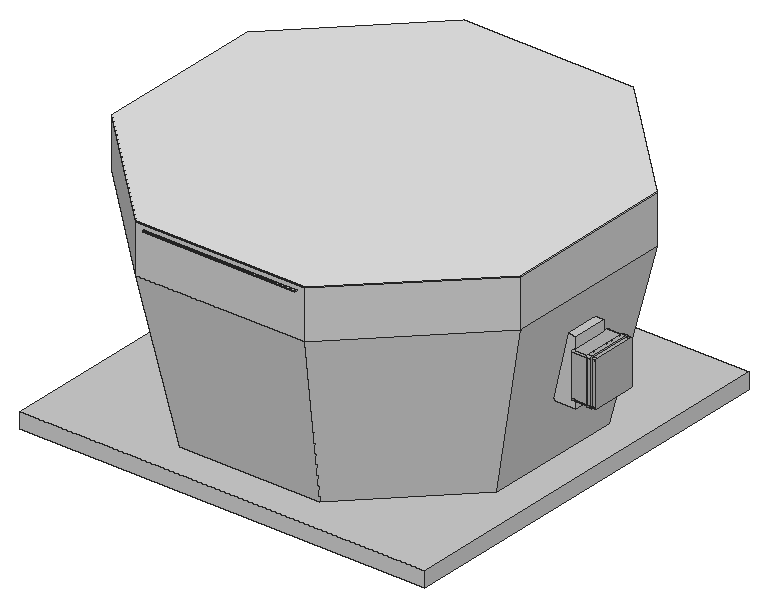
Revit family "VENTS-VKV_EC", category Mechanical Equipment, Revit 2019
Family settings
  Round Connector Dimension = Use Diameter
  Classification = None
  Part Type = Normal
  OmniClass Number = 23.75.35.17.14
  OmniClass Title = Fans, Single Units
  Work Plane-Based = No
  Always vertical = Yes
  Cut with Voids When Loaded = No
  Shared = No
  Room Calculation Point = No
Parameters (values of type "VKV 630 EC")
  gsA = A * 0.8  # 760.8 mm
  Weight = 83.00 kg
  Voltage = 400 V
  URL = "https://ventilation-system.com/product/vkv-630-ec"
  Type Comments = "Centrifugal roof fan VKV 630 EC"
  Transported Air Temperature (°C) = "-25...+55"
  Sound Pressure Level at 3 m (dBA) = 0
  Sound Pressure Level at 1 m (dBA) = 0
  RPM (min-1) = 1450
  Protection rating = "IP X4"
  Power Factor = 1
  Power [instance] = 2973 W
  Number of Poles = 3
  Noise Level at 3 m (dBa) = 71
  Model = "VKV 630 EC"
  Maximum Air Flow = 18270 m³/h
  Manufacturer = "Vents"
  Maintenance Zone Front Depth = 400 mm
  Maintenance Zone Material = Maintenance Zone
  Maintenance Zone Side Depth = 400 mm
  Maintenance Zone [instance] = no
  Load Classification = HVAC
  L2 = 1004 mm
  Ht = 112 mm
  Hc = H - Ht - Hb  # 382 mm
  Hb = 36 mm
  H = 530 mm
  Grid Material = Cover Grid Cross
  Graphical Symbol [instance] = yes
  Family Version = "1.0"  # constant formula
  Duct Connection Size = 560 mm
  Description = "Centrifugal roof fan with vertical air discharge"
  DboxFixW = 80 mm  # constant formula
  DboxFixH = 151 mm
  DboxFixDepth = 2 mm  # constant formula
  DboxFixBottomH = 186 mm
  D = 605 mm
  Current = 4.66 A
  Copyright = "©Vents"
  Casing Material = Fan Zinc
  L = 939 mm
  Apparent Power [instance] = Power / Power Factor  # 2973 VA
  Air Flow [instance] = 0 m³/h
  Af = A * tan(22.50°) * 0.9  # 354.525 mm
  AswBottom = 782 mm
  A = 951 mm
Types (11, lengths in mm): name | gsA | Weight | Voltage | URL | Type Comments | Transported Air Temperature (°C) | RPM (min-1) | Power | Number of Poles | Noise Level at 3 m (dBa) | Model | Maximum Air Flow | L2 | Ht | Hc | Hb | H | Duct Connection Size | DboxFixH | DboxFixBottomH | D | Current | L | Apparent Power | Af | AswBottom | A
  VKV 190 EC | 333.6 | 7.00 kg | 230 V | "https://ventilation-system.com/product/vkv-190-ec" | "Centrifugal roof fan VKV 190 EC" | "-25...+60" | 3520 | 102 W | 1 | 52 | "VKV 190 EC" | 670 m³/h | 470 | 52 | 78 | 36 | 166 | 180 | 112 | 40 | 213 | 0.77 A | 355 | 102 VA | 155.454 | 320 | 417
  VKV 225 EC | 333.6 | 7.00 kg | 230 V | "https://ventilation-system.com/product/vkv-225-ec" | "Centrifugal roof fan VKV 225 EC" | "-25...+60" | 2400 | 101 W | 1 | 47 | "VKV 225 EC" | 1290 m³/h | 470 | 48 | 131 | 31 | 210 | 180 | 122 | 40 | 213 | 0.8 A | 355 | 101 VA | 155.454 | 320 | 417
  VKV 250 EC | 384.8 | 11.00 kg | 230 V | "https://ventilation-system.com/product/vkv-250-ec" | "Centrifugal roof fan VKV 250 EC" | "-25...+60" | 3300 | 161 W | 1 | 54 | "VKV 250 EC" | 1470 m³/h | 534 | 51 | 154 | 31 | 236 | 250 | 151 | 36 | 285 | 1.29 A | 425 | 161 VA | 179.313 | 358 | 481
  VKV 280 EC | 437.6 | 14.00 kg | 230 V | "https://ventilation-system.com/product/vkv-280-ec" | "Centrifugal roof fan VKV 280 EC" | "-20...+60" | 2610 | 182 W | 1 | 48 | "VKV 280 EC" | 2330 m³/h | 600 | 51 | 192 | 31 | 274 | 250 | 151 | 53 | 285 | 1.34 A | 425 | 182 VA | 203.917 | 395 | 547
  VKV 310 EC | 490.4 | 20.00 kg | 230 V | "https://ventilation-system.com/product/vkv-310-ec" | "Centrifugal roof fan VKV 310 EC" | "-20...+60" | 2600 | 391 W | 1 | 49 | "VKV 310 EC" | 3100 m³/h | 666 | 51 | 214 | 31 | 296 | 250 | 151 | 75 | 285 | 1.72 A | 477 | 391 VA | 228.522 | 445 | 613
  VKV 355 EC | 590.4 | 23.00 kg | 230 V | "https://ventilation-system.com/product/vkv-355-ec" | "Centrifugal roof fan VKV 355 EC" | "-25...+50" | 1550 | 669 W | 1 | 51 | "VKV 355 EC" | 3830 m³/h | 791 | 51 | 244 | 31 | 326 | 400 | 151 | 105 | 438 | 9.36 A | 598 | 669 VA | 275.121 | 546 | 738
  VKV 400 EC | 590.4 | 25.00 kg | 230 V | "https://ventilation-system.com/product/vkv-400-ec" | "Centrifugal roof fan VKV 400 EC" | "-25...+50" | 1450 | 526 W | 1 | 58 | "VKV 400 EC" | 5380 m³/h | 791 | 120 | 220 | 31 | 371 | 400 | 151 | 82 | 438 | 3.9 A | 598 | 526 VA | 275.121 | 562 | 738
  VKV 450 EC | 590.4 | 44.00 kg | 400 V | "https://ventilation-system.com/product/vkv-450-ec" | "Centrifugal roof fan VKV 450 EC" | "-20...+60" | 1560 | 1323 W | 3 | 63 | "VKV 450 EC" | 8110 m³/h | 791 | 90 | 304 | 31 | 425 | 400 | 151 | 124 | 438 | 3.27 A | 668 | 1323 VA | 275.121 | 546 | 738
  VKV 500 EC | 687.2 | 52.00 kg | 400 V | "https://ventilation-system.com/product/vkv-500-ec" | "Centrifugal roof fan VKV 500 EC" | "-25...+50" | 1480 | 1350 W | 3 | 67 | "VKV 500 EC" | 10900 m³/h | 912 | 90 | 335 | 31 | 456 | 400 | 151 | 198 | 438 | 2.08 A | 668 | 1350 VA | 320.229 | 594 | 859
  VKV 560 EC | 687.2 | 65.00 kg | 400 V | "https://ventilation-system.com/product/vkv-560-ec" | "Centrifugal roof fan VKV 560 EC" | "-25...+60" | 1540 | 2412 W | 3 | 69 | "VKV 560 EC" | 13640 m³/h | 912 | 112 | 335 | 31 | 478 | 560 | 151 | 150 | 605 | 3.83 A | 850 | 2412 VA | 320.229 | 722 | 859
  VKV 630 EC | 760.8 | 83.00 kg | 400 V | "https://ventilation-system.com/product/vkv-630-ec" | "Centrifugal roof fan VKV 630 EC" | "-25...+55" | 1450 | 2973 W | 3 | 71 | "VKV 630 EC" | 18270 m³/h | 1004 | 112 | 382 | 36 | 530 | 560 | 151 | 186 | 605 | 4.66 A | 939 | 2973 VA | 354.525 | 782 | 951
Reference planes
  plane 1 "Center (Front/Back)": y = 0
  plane 2: z = 0
  plane 3 "Center (Left/Right)": x = 0
  plane 4: x = -469.5
  plane 5: x = 469.5
  plane 6: y = 469.5
  plane 7: y = -469.5
  plane 8 "Sw2": z = 36
  plane 9 "Sw1": z = 418
  plane 10 "Top": z = 530
  plane 11: y = 40
  plane 12: y = -40
  plane 13: x = -475.5
  plane 14 "Right": x = 475.5
  plane 15: y = 475.5
  plane 16 "Front": y = -475.5
  plane 17 "DboxHost": x = 477.5
  plane 18 "DboxBottomH": z = 186
  plane 19 "DboxTopH": z = 337
  plane 20 "DboxH": z = 261.5
  plane 21: x = -177.263
  plane 22: x = 177.263
  plane 23: z = 520
  plane 24: z = 518
  plane 25 "Sw7": z = 532
Forms (mm)
  SweptBlend 1, solid, material "Fan Zinc" <- "Casing Material", detail levels medium+fine
    path origin (0, 0, 0) x (1, 0, 0) y (0, 0, 1)
      loop
        line (0, 530) -> (0, 418)
    profile "Profile_Octagon : Top" origin (0, 0, 530) x (1, 0, 0) y (0, -1, 0)
      loop
        line (-196.959, 475.5) -> (-475.5, 196.959) -> (-475.5, -196.959) -> (-196.959, -475.5) -> (196.959, -475.5) -> (475.5, -196.959) -> (475.5, 196.959) -> (196.959, 475.5) -> (-196.959, 475.5)
    end profile "Profile_Octagon : Top" origin (0, 0, 418) x (1, 0, 0) y (0, -1, 0)
      loop
        line (-196.959, 475.5) -> (-475.5, 196.959) -> (-475.5, -196.959) -> (-196.959, -475.5) -> (196.959, -475.5) -> (475.5, -196.959) -> (475.5, 196.959) -> (196.959, 475.5) -> (-196.959, 475.5)
  SweptBlend 2, solid, material "Fan Zinc" <- "Casing Material", detail levels medium+fine
    path origin (0, 0, 0) x (1, 0, 0) y (0, 0, 1)
      loop
        line (0, 418) -> (0, 36)
    profile "Profile_Octagon : Top" origin (0, 0, 418) x (1, 0, 0) y (0, -1, 0)
      loop
        line (-196.959, 475.5) -> (-475.5, 196.959) -> (-475.5, -196.959) -> (-196.959, -475.5) -> (196.959, -475.5) -> (475.5, -196.959) -> (475.5, 196.959) -> (196.959, 475.5) -> (-196.959, 475.5)
    end profile "Profile_Octagon : Bottom" origin (0, 0, 36) x (1, 0, 0) y (0, -1, 0)
      loop
        line (-161.958, 391) -> (-391, 161.958) -> (-391, -161.958) -> (-161.958, -391) -> (161.958, -391) -> (391, -161.958) -> (391, 161.958) -> (161.958, 391) -> (-161.958, 391)
  Extrusion 3, solid, material "Fan Zinc" <- "Casing Material", detail levels medium+fine
    sketch origin (0, 0, 0) x (1, 0, 0) y (0, 1, 0)
      loop
        line (-469.5, 469.5) -> (-469.5, -469.5) -> (469.5, -469.5) -> (469.5, 469.5) -> (-469.5, 469.5)
    from 0 to 36
  Extrusion 4, solid, material "Fan Zinc" <- "Casing Material", detail levels medium+fine
    sketch origin (0, 0, 0) x (1, 0, 0) y (0, 1, 0)
      loop
        line (0, 40) -> (0, -40) -> (477.5, -40) -> (477.5, 40) -> (0, 40)
    from 186 to 337
  Extrusion 5, solid, material "Fan Zinc" <- "Casing Material", detail levels medium+fine
    sketch origin (0, -475.5, 0) x (-1, 0, 0) y (0, 0, 1)
      loop
        line (177.263, 520) -> (-177.263, 520) -> (-177.263, 518) -> (177.263, 518) -> (177.263, 520)
    from 0 to -5
  Sweep 6, solid, material "Cover Grid Cross" <- "Grid Material", detail levels medium+fine
    path origin (0, 0, 0) x (1, 0, 0) y (0, 0, 1)
      loop
        line (0, 532) -> (0, 530)
    profile "Profile_Octagon : Top" origin (0, 0, 531) x (1, 0, 0) y (0, -1, 0)
      loop
        line (-196.959, 475.5) -> (-475.5, 196.959) -> (-475.5, -196.959) -> (-196.959, -475.5) -> (196.959, -475.5) -> (475.5, -196.959) -> (475.5, 196.959) -> (196.959, 475.5) -> (-196.959, 475.5)
Cuts and joins
  joined: SweptBlend 1, SweptBlend 2, Extrusion 4, Extrusion 5
Lines and regions (mm)
  symbolic lines, style "MechanicalEquipment", detail levels coarse
    curve 1: line (-475.5, 475.5, 0) -> (475.5, 475.5, 0)
    curve 2: line (-475.5, -475.5, 0) -> (-475.5, 475.5, 0)
    curve 3: line (475.5, -475.5, 0) -> (-475.5, -475.5, 0)
    curve 4: line (475.5, 475.5, 0) -> (475.5, -475.5, 0)
  symbolic lines, style "Maintenance Zone", visible <- "Maintenance Zone", detail levels medium+fine
    curve 5: line (-475.5, -475.5, 0) -> (475.5, -475.5, 0)
    curve 6: line (475.5, -475.5, 0) -> (475.5, 475.5, 0)
Dimensions and locks
  equal spacing: plane 4, plane 3 "Center (Left/Right)", plane 5
  "L": plane 4 to plane 5
  equal spacing: plane 6, plane 1 "Center (Front/Back)", plane 7
  "L": plane 6 to plane 7
  "Hb": plane 8 "Sw2" to level
  "Hc": plane 9 "Sw1" to plane 8 "Sw2"
  "Ht": plane 10 "Top" to plane 9 "Sw1"
  equal spacing: plane 11, plane 1 "Center (Front/Back)", plane 12
  "DboxFixW": plane 11 to plane 12
  equal spacing: plane 15, plane 1 "Center (Front/Back)", plane 16 "Front"
  "A": plane 15 to plane 16 "Front"
  equal spacing: plane 13, plane 3 "Center (Left/Right)", plane 14 "Right"
  "A": plane 13 to plane 14 "Right"
  "DboxFixDepth": plane 14 "Right" to plane 17 "DboxHost"
  "DboxFixBottomH": plane 18 "DboxBottomH" to level
  "DboxFixH": plane 19 "DboxTopH" to plane 18 "DboxBottomH"
  equal spacing: plane 19 "DboxTopH", plane 20 "DboxH", plane 18 "DboxBottomH"
  equal spacing: plane 22, plane 3 "Center (Left/Right)", plane 21
  "Af": plane 22 to plane 21
  locked: plane 10 "Top" to plane 23 at 10
  locked: plane 23 to plane 24 at 2
  locked: plane 25 "Sw7" to plane 10 "Top" at 2
  aligned and locked: level to plane 2
  aligned and locked: plane 10 "Top" to SweptBlend 1 sketch curve
  aligned and locked: plane 9 "Sw1" to SweptBlend 1 sketch curve
  aligned and locked: SweptBlend 1 sketch curve to plane 3 "Center (Left/Right)"
  aligned and locked: SweptBlend 1 to SweptBlend 2 sketch curve
  aligned and locked: SweptBlend 2 sketch curve to plane 3 "Center (Left/Right)"
  aligned and locked: Extrusion 3 sketch curve to plane 6
  aligned and locked: plane 4 to Extrusion 3 sketch curve
  aligned and locked: plane 7 to Extrusion 3 sketch curve
  aligned and locked: Extrusion 3 sketch curve to plane 5
  aligned and locked: plane 8 "Sw2" to Extrusion 3
  aligned and locked: Extrusion 3 to level
  aligned and locked: Extrusion 4 sketch curve to plane 11
  aligned and locked: plane 3 "Center (Left/Right)" to Extrusion 4 sketch curve
  aligned and locked: plane 12 to Extrusion 4 sketch curve
  aligned and locked: Extrusion 4 sketch curve to plane 17 "DboxHost"
  aligned and locked: plane 19 "DboxTopH" to Extrusion 4
  aligned and locked: Extrusion 4 to plane 18 "DboxBottomH"
  aligned and locked: nested 1 to plane 1 "Center (Front/Back)"
  aligned and locked: nested 1 to plane 20 "DboxH"
  aligned and locked: plane 23 to Extrusion 5 sketch curve
  aligned and locked: plane 21 to Extrusion 5 sketch curve
  aligned and locked: Extrusion 5 sketch curve to plane 24
  aligned and locked: Extrusion 5 sketch curve to plane 22
  aligned and locked: nested 2 to plane 3 "Center (Left/Right)"
  aligned and locked: nested 2 to level
  aligned and locked: nested 2 to Sweep 6 sketch curve
  aligned and locked: plane 25 "Sw7" to Sweep 6 sketch curve
  aligned and locked: plane 10 "Top" to Sweep 6 sketch curve
  aligned and locked: plane 3 "Center (Left/Right)" to nested 3
  aligned and locked: plane 1 "Center (Front/Back)" to nested 3
  aligned and locked: plane 3 "Center (Left/Right)" to nested 4
  aligned and locked: nested 4 to level
  aligned and locked: nested 5 to plane 1 "Center (Front/Back)"
  aligned and locked: level to nested 5
Automatic sketch dimensions
  SweptBlend 2 sketch curve to plane 8 "Sw2" = 0 mm
  curve 1 to plane 13 = 0 mm
  curve 4 to plane 15 = 0 mm
  curve 5 to plane 14 "Right" = 0 mm
  curve 3 to plane 16 "Front" = 0 mm
Nested families
  nested 1: "DistributionBox_Outside" at (477.5, 0, 261.5) x (0, 1, 0) z (1, 0, 0), type "DistributionBox_Outside", detail levels medium+fine
  nested 2: "GraphicalSymbol_Fan_3" at (0, 0, 237.75) x (-1, 0, 0) z (0, 1, 0), type "GraphicalSymbol_Fan_3", detail levels coarse
    with Hs 380.4 mm, H 475.5 mm, As 665.7 mm, ArrowW 285.3 mm, ArrowL 285.3 mm, ArrowGap 85.59 mm, Arrow3 no, Arrow2 no, A 951 mm
  nested 3: "GraphicalSymbol_Fun_3_Anno" at (0, 0, 0), visible <- "Graphical Symbol", type "GraphicalSymbol_Fun_3_Anno", detail levels coarse
    with Hs 304.32 mm, H 380.4 mm, As 532.56 mm, A 760.8 mm
  nested 4: "MaintenanceZone_Rect" at (0, -475.5, 265) x (1, 0, 0) z (0, 1, 0), visible <- "Maintenance Zone", type "Front"
    with Maintenance Zone Width 530 mm, Maintenance Zone Length 951 mm, Maintenance Zone Height 400 mm
  nested 5: "MaintenanceZone_Rect" at (475.5, 0, 265) x (0, 1, 0) z (-1, 0, 0), visible <- "Maintenance Zone", type "Side"
    with Maintenance Zone Width 530 mm, Maintenance Zone Length 951 mm, Maintenance Zone Height 400 mm
Connectors
  hvac at (0, 0, 0), driven by "Duct Connection Size", driven by "Air Flow"
    settings: on Extrusion 3, index 1, duct flow 0 m³/h, flow factor 1, pres drop 0.0 Pa, loss coef 0, conn angle 0.00°, conn width 304.8 mm, conn height 304.8 mm, conn diameter 560 mm, duct sys type 3, conn prof type 0, flow config 2, flow direction 1, loss method 0, conn ref index -1, conn util no, is conn primary yes, conn desc ""
  electrical at (495, -26, 211.525), driven by "Number of Poles", driven by "Load Classification", driven by "Voltage", driven by "Apparent Power", driven by "Power Factor"
    settings: on nested 1, index 2, voltage 400 V, apparent load 2973 VA, apparent load phase1 0 VA, apparent load phase2 0 VA, apparent load phase3 0 VA, power factor 1, load classification "HVAC", number of poles 3, system type 30, power factor state 1, is connector primary yes, connector utility no, sub classification motor no, connector description ""
Definition of nested family "DistributionBox_Outside"
  Parameters (values of type "DistributionBox_Outside")
    Hcover2 = 10 mm
    Hcover1 = 10 mm
    Hcon = H1 / 2  # 17.5 mm
    H1 = 35 mm
    Distribution Box Material = none
    Default Elevation = 1219.2 mm
    ConD = 20 mm
    ConB = B / 4  # 26 mm
    ConA = A / 4  # 26 mm
    B = A  # 104 mm
    B1 = A1  # 108 mm
    A1 = 108 mm
    A = 104 mm
  Reference planes
    plane 1 "Center (Front/Back)": y = 0
    plane 2: z = 0
    plane 3 "Center (Left/Right)": x = 0
    plane 4: x = -52
    plane 5: x = 52
    plane 6: y = 52
    plane 7 "bottom": y = -52
    plane 8: z = 35
    plane 9: z = 55
    plane 10: x = -26
    plane 11: x = 26
    plane 12: y = 26
    plane 13: y = -26
    plane 14: z = 17.5
    plane 15: z = 45
    plane 16: x = -54
    plane 17: x = 54
    plane 18: y = 54
    plane 19 "Center L/S": y = -54
  Forms (mm)
    Extrusion 1, solid, material <- "Distribution Box Material"
      sketch origin (0, 0, 0) x (1, 0, 0) y (0, 1, 0)
        loop
          arc (-49, 52) -> (-51.121, 51.121) -> (-52, 49) r 3
          line (-52, 49) -> (-52, -49)
          arc (-52, -49) -> (-51.121, -51.121) -> (-49, -52) r 3
          line (-49, -52) -> (49, -52)
          arc (49, -52) -> (51.121, -51.121) -> (52, -49) r 3
          line (52, -49) -> (52, 49)
          arc (52, 49) -> (51.121, 51.121) -> (49, 52) r 3
          line (49, 52) -> (-49, 52)
      from 0 to 35
    Extrusion 2, void
      sketch origin (-568.953, -52, 1200) x (1, 0, 0) y (0, 0, 1)
        loop
          circle (542.953, -1182.5) r 10
        loop
          circle (594.953, -1182.5) r 10
      from -2.025 to 0
    Extrusion 3, solid, material <- "Distribution Box Material"
      sketch origin (0, 0, 0) x (1, 0, 0) y (0, 1, 0)
        loop
          arc (-49, 54) -> (-52.536, 52.536) -> (-54, 49) r 5
          line (-54, 49) -> (-54, -49)
          arc (-54, -49) -> (-52.536, -52.536) -> (-49, -54) r 5
          line (-49, -54) -> (49, -54)
          arc (49, -54) -> (52.536, -52.536) -> (54, -49) r 5
          line (54, -49) -> (54, 49)
          arc (54, 49) -> (52.536, 52.536) -> (49, 54) r 5
          line (49, 54) -> (-49, 54)
      from 35 to 45
    Extrusion 4, solid, material <- "Distribution Box Material"
      sketch origin (0, 0, 0) x (1, 0, 0) y (0, 1, 0)
        loop
          arc (-49, 52) -> (-51.121, 51.121) -> (-52, 49) r 3
          line (-52, 49) -> (-52, -49)
          arc (-52, -49) -> (-51.121, -51.121) -> (-49, -52) r 3
          line (-49, -52) -> (49, -52)
          arc (49, -52) -> (51.121, -51.121) -> (52, -49) r 3
          line (52, -49) -> (52, 49)
          arc (52, 49) -> (51.121, 51.121) -> (49, 52) r 3
          line (49, 52) -> (-49, 52)
      from 45 to 55
  Cuts and joins
    Extrusion 2 cuts Extrusion 1
    joined: Extrusion 3, Extrusion 4
  Dimensions and locks
    equal spacing: plane 6, plane 1 "Center (Front/Back)", plane 7 "bottom"
    equal spacing: plane 4, plane 3 "Center (Left/Right)", plane 5
    "A": plane 6 to plane 7 "bottom"
    "B": plane 4 to plane 5
    "H1": level to plane 8
    plane 15 to plane 9 = 10 mm
    "ConA": plane 1 "Center (Front/Back)" to plane 12
    "ConA": plane 13 to plane 1 "Center (Front/Back)"
    "ConB": plane 10 to plane 3 "Center (Left/Right)"
    "ConB": plane 3 "Center (Left/Right)" to plane 11
    "Hcon": plane 14 to level
    equal spacing: plane 18, plane 1 "Center (Front/Back)", plane 19 "Center L/S"
    "A1": plane 18 to plane 19 "Center L/S"
    equal spacing: plane 16, plane 3 "Center (Left/Right)", plane 17
    "B1": plane 16 to plane 17
    "Hcover2": plane 15 to plane 8
    "Hcover1": plane 9 to plane 15
    "ConD": diameter of Extrusion 2 sketch curve  (x2)
    aligned and locked: level to plane 2
    aligned and locked: Extrusion 1 sketch curve to plane 6
    aligned and locked: plane 4 to Extrusion 1 sketch curve
    aligned and locked: plane 7 "bottom" to Extrusion 1 sketch curve
    aligned and locked: Extrusion 1 sketch curve to plane 5
    aligned and locked: plane 8 to Extrusion 1
    aligned and locked: Extrusion 3 sketch curve to plane 18
    aligned and locked: plane 16 to Extrusion 3 sketch curve
    aligned and locked: plane 19 "Center L/S" to Extrusion 3 sketch curve
    aligned and locked: Extrusion 3 sketch curve to plane 17
    aligned and locked: Extrusion 3 to plane 8
    aligned and locked: plane 15 to Extrusion 3
    aligned and locked: Extrusion 4 sketch curve to plane 6
    aligned and locked: plane 4 to Extrusion 4 sketch curve
    aligned and locked: plane 7 "bottom" to Extrusion 4 sketch curve
    aligned and locked: Extrusion 4 sketch curve to plane 5
    aligned and locked: Extrusion 4 to plane 15
    aligned and locked: plane 9 to Extrusion 4
  Automatic sketch dimensions
    Extrusion 1 sketch curve to Extrusion 1 sketch curve = 3 mm  (x2)
    Extrusion 1 sketch curve to plane 5 = 3 mm  (x2)
    plane 4 to Extrusion 3 sketch curve = 3 mm  (x2)
    Extrusion 3 sketch curve to plane 5 = 3 mm  (x2)
    Extrusion 4 sketch curve to Extrusion 4 sketch curve = 3 mm  (x2)
    Extrusion 4 sketch curve to plane 5 = 3 mm  (x2)
    Extrusion 2 sketch curve to plane 10 = 0 mm
    Extrusion 2 sketch curve to plane 11 = 0 mm
    Extrusion 2 sketch curve to plane 14 = 0 mm  (x2)
Definition of nested family "MaintenanceZone_Rect"
  Parameters (values of type "MaintenanceZone_Rect")
    Maintenance Zone Width = 500 mm
    Material = none
    Maintenance Zone Length = 1000 mm
    Maintenance Zone Height = 300 mm
    Family Version = ""
    Default Elevation = 1219.2 mm
    Copyright = ""
  Reference planes
    plane 1 "Center (Front/Back)": y = 0
    plane 2: z = 0
    plane 3 "Center (Left/Right)": x = 0
    plane 4: x = -500
    plane 5: x = 500
    plane 6: y = 250
    plane 7: y = -250
    plane 8: z = -300
  Forms (mm)
    Extrusion 1, solid, material <- "Material", detail levels medium+fine
      sketch origin (0, 0, 0) x (1, 0, 0) y (0, 1, 0)
        loop
          line (-500, 250) -> (-500, -250) -> (500, -250) -> (500, 250) -> (-500, 250)
      from 0 to -300
  Lines and regions (mm)
    symbolic lines, detail levels medium+fine
      curve 1: line (-500, 0, 0) -> (500, 0, 0)
      curve 2: line (-500, 0, -300) -> (-500, 0, 0)
      curve 3: line (500, 0, -300) -> (-500, 0, -300)
      curve 4: line (500, 0, 0) -> (500, 0, -300)
      curve 5: line (0, 250, 0) -> (0, -250, 0)
      curve 6: line (0, 250, -300) -> (0, 250, 0)
      curve 7: line (0, -250, -300) -> (0, 250, -300)
      curve 8: line (0, -250, 0) -> (0, -250, -300)
      curve 9: line (-500, 250, 0) -> (500, 250, 0)
      curve 10: line (-500, -250, 0) -> (-500, 250, 0)
      curve 11: line (500, -250, 0) -> (-500, -250, 0)
      curve 12: line (500, 250, 0) -> (500, -250, 0)
  Dimensions and locks
    equal spacing: plane 6, plane 1 "Center (Front/Back)", plane 7
    equal spacing: plane 4, plane 3 "Center (Left/Right)", plane 5
    "Maintenance Zone Width": plane 6 to plane 7
    "Maintenance Zone Length": plane 4 to plane 5
    "Maintenance Zone Height": plane 2 to plane 8
    aligned and locked: level to plane 2
    aligned and locked: Extrusion 1 sketch curve to plane 6
    aligned and locked: plane 4 to Extrusion 1 sketch curve
    aligned and locked: plane 7 to Extrusion 1 sketch curve
    aligned and locked: Extrusion 1 sketch curve to plane 5
    aligned and locked: Extrusion 1 to plane 8
    aligned and locked: curve 1 to Extrusion 1
    aligned and locked: curve 2 to Extrusion 1
    aligned and locked: curve 3 to Extrusion 1
    aligned and locked: curve 4 to Extrusion 1
    aligned and locked: curve 5 to Extrusion 1
    aligned and locked: curve 6 to Extrusion 1
    aligned and locked: curve 7 to Extrusion 1
    aligned and locked: curve 8 to Extrusion 1
    aligned and locked: curve 9 to Extrusion 1
    aligned and locked: curve 10 to Extrusion 1
    aligned and locked: curve 11 to Extrusion 1
    aligned and locked: curve 12 to Extrusion 1
Definition of nested family "GraphicalSymbol_Fan_3"
  Parameters (values of type "GraphicalSymbol_Fan_3")
    Hs = H * 0.8  # 40 mm
    Default Elevation = 1219.2 mm
    H = A * 0.5  # 50 mm
    As = A * 0.7  # 70 mm
    ArrowW = H * 0.6  # 30 mm
    ArrowL = ArrowW  # 30 mm
    ArrowGap = ArrowW * 0.3  # 9 mm
    Arrow3 = yes
    Arrow2 = yes
    Arrow1 = yes
    A = 100 mm
  Reference planes
    plane 1 "Center (Front/Back)": y = 0
    plane 2: z = 0
    plane 3 "Center (Left/Right)": x = 0
    plane 4: y = 25
    plane 5: y = -25
    plane 6: x = -50
    plane 7: x = 50
    plane 8: y = 20
    plane 9: y = -20
    plane 10: x = -35
    plane 11: x = 35
    plane 12: x = 15
    plane 13: x = -15
    plane 14: y = 15
    plane 15: y = -15
    plane 16: y = 34
    plane 17: x = -59
    plane 18: x = 59
    plane 19: x = -89
    plane 20: x = 89
    plane 21: y = 64
  Lines and regions (mm)
    model lines
      curve 1: line (-50, 25, 0) -> (50, 25, 0)
      curve 2: line (-50, -25, 0) -> (-50, 25, 0)
      curve 3: line (50, -25, 0) -> (-50, -25, 0)
      curve 4: line (50, 25, 0) -> (50, -25, 0)
      curve 5: line (-35, 20, 0) -> (-35, -20, 0)
      curve 6: line (-35, -20, 0) -> (35, 20, 0)
      curve 7: line (35, 20, 0) -> (35, -20, 0)
      curve 8: line (35, -20, 0) -> (-35, 20, 0)
    model lines, visible <- "Arrow1"
      curve 9: line (-15, 34, 0) -> (15, 34, 0)
      curve 10: line (15, 34, 0) -> (0, 64, 0)
      curve 11: line (0, 64, 0) -> (-15, 34, 0)
    model lines, visible <- "Arrow2"
      curve 12: line (-59, 15, 0) -> (-59, -15, 0)
      curve 13: line (-59, -15, 0) -> (-89, 0, 0)
      curve 14: line (-89, 0, 0) -> (-59, 15, 0)
    model lines, visible <- "Arrow3"
      curve 15: line (59, 15, 0) -> (59, -15, 0)
      curve 16: line (59, -15, 0) -> (89, 0, 0)
      curve 17: line (89, 0, 0) -> (59, 15, 0)
  Dimensions and locks
    equal spacing: plane 10, plane 3 "Center (Left/Right)", plane 11
    equal spacing: plane 6, plane 3 "Center (Left/Right)", plane 7
    equal spacing: plane 4, plane 1 "Center (Front/Back)", plane 5
    equal spacing: plane 8, plane 1 "Center (Front/Back)", plane 9
    "As": plane 10 to plane 11
    "Hs": plane 8 to plane 9
    "A": plane 6 to plane 7
    "H": plane 4 to plane 5
    equal spacing: plane 13, plane 3 "Center (Left/Right)", plane 12
    "ArrowW": plane 13 to plane 12
    "ArrowGap": plane 16 to plane 4
    "ArrowL": plane 21 to plane 16
    equal spacing: plane 14, plane 1 "Center (Front/Back)", plane 15
    "ArrowW": plane 14 to plane 15
    "ArrowGap": plane 7 to plane 18
    "ArrowL": plane 18 to plane 20
    "ArrowGap": plane 17 to plane 6
    "ArrowL": plane 19 to plane 17
    aligned and locked: level to plane 2
    aligned and locked: curve 1 to plane 4
    aligned and locked: plane 6 to curve 2
    aligned and locked: plane 5 to curve 3
    aligned and locked: curve 4 to plane 7
  Automatic sketch dimensions
    plane 1 "Center (Front/Back)" to curve 14 = 0 mm
    curve 14 to plane 19 = 0 mm
    curve 13 to plane 15 = 0 mm
    curve 13 to plane 17 = 0 mm
    curve 6 to plane 9 = 0 mm
    curve 6 to plane 10 = 0 mm
    curve 11 to plane 13 = 0 mm
    curve 10 to plane 3 "Center (Left/Right)" = 0 mm
    curve 10 to plane 12 = 0 mm
    curve 7 to plane 9 = 0 mm
    curve 7 to plane 11 = 0 mm
    curve 15 to plane 15 = 0 mm
    curve 15 to plane 18 = 0 mm
    plane 1 "Center (Front/Back)" to curve 17 = 0 mm
    curve 16 to plane 20 = 0 mm
    curve 12 to plane 14 = 0 mm
    curve 15 to plane 14 = 0 mm
    curve 8 to plane 8 = 0 mm
    curve 7 to plane 8 = 0 mm
    curve 9 to plane 16 = 0 mm
    curve 10 to plane 21 = 0 mm
Definition of nested family "GraphicalSymbol_Fun_3_Anno"
  Parameters (values of type "GraphicalSymbol_Fun_3_Anno")
    Hs = 0.8 * H  # 40 mm
    H = 0.5 * A  # 50 mm
    As = 0.7 * A  # 70 mm
    A = 100 mm
  Reference planes
    plane 1 "Center (Front/Back)": y = 0
    plane 2: z = 0
    plane 3 "Center (Left/Right)": x = 0
    plane 4: x = -50
    plane 5: x = 50
    plane 6: y = 25
    plane 7: y = -25
    plane 8: x = 35
    plane 9: x = -35
    plane 10: y = 20
    plane 11: y = -20
  Lines and regions (mm)
    detail lines, in view "Ref. Level"
      curve 1: line (-50, 25, 0) -> (50, 25, 0)
      curve 2: line (-50, -25, 0) -> (-50, 25, 0)
      curve 3: line (50, -25, 0) -> (-50, -25, 0)
      curve 4: line (50, 25, 0) -> (50, -25, 0)
      curve 5: line (-35, 20, 0) -> (-35, -20, 0)
      curve 6: line (-35, -20, 0) -> (35, 20, 0)
      curve 7: line (35, 20, 0) -> (35, -20, 0)
      curve 8: line (35, -20, 0) -> (-35, 20, 0)
  Dimensions and locks
    equal spacing: plane 4, plane 3 "Center (Left/Right)", plane 5
    equal spacing: plane 9, plane 3 "Center (Left/Right)", plane 8
    "A": plane 4 to plane 5
    "As": plane 9 to plane 8
    equal spacing: plane 11, plane 1 "Center (Front/Back)", plane 10
    "Hs": plane 10 to plane 11
    equal spacing: plane 6, plane 1 "Center (Front/Back)", plane 7
    "H": plane 6 to plane 7
    aligned and locked: curve 1 to plane 6
    aligned and locked: plane 4 to curve 2
    aligned and locked: plane 7 to curve 3
    aligned and locked: curve 4 to plane 5
  Automatic sketch dimensions
    curve 8 to plane 9 = 0 mm
    curve 8 to plane 8 = 0 mm
    curve 6 to plane 11 = 0 mm
    curve 7 to plane 11 = 0 mm
    curve 7 to plane 10 = 0 mm
    curve 5 to plane 10 = 0 mm
